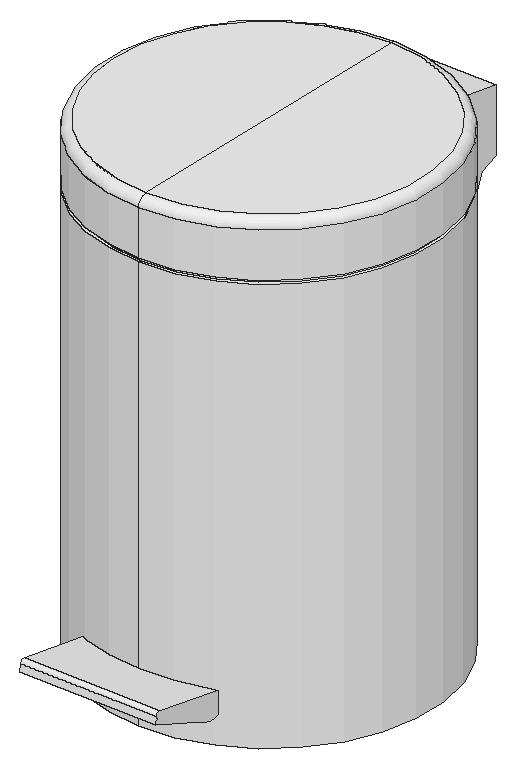
Revit family "TrashBox-WasteBin-3Lt-5Lt-12Lt-Vitra-ArkitektaSeries-A44054+A44055+A44056", category Plumbing Fixtures, host Face, Revit 2017
Family settings
  Host = Face
  Round Connector Dimension = Use Diameter
  Part Type = Normal
  OmniClass Number = 23.45.55.17
  OmniClass Title = Mixing Faucets
  Cut with Voids When Loaded = No
  Shared = Yes
  Room Calculation Point = No
Parameters (values of type "TrashBox-WasteBin-3Lt-Vitra-ArkitektaSeries-A44054")
  Youtube = "https://www.youtube.com/user/VitrAglobal"
  Width(mm) = 180 mm
  Weight Net (kg) = "0,820"
  Warranty Period (Year) = "5"
  WFU = 0
  Uniformat II Description = "EQUIPMENT & FURNISHINGS"
  Uniformat II Code = ""
  Uniclass 2015 Name = "Waste bins"
  Uniclass 2015 Code = "Pr_40_50_07_96"
  Uniclass 2.0 Description = "Waste Bins"
  Uniclass 1.4 Description = "Waste disposal units"
  Uniclass 2.0 Code = "PR-35-10-97"
  Uniclass 1.4 Code = "L7235"
  URL = "https://vitraglobal.com/"
  UNSPSC Description = "Furniture and Furnishings"
  UNSPSC Code = "56"
  Technical description = "https://www.vitra.com.tr/pdf/A44054/"
  Tap hole Options (default) = ""
  Specification = ""
  Region South America = "All"
  Region Oceania = "All"
  Region North America = "All"
  Region Middle East = "All"
  Region Europe = "All"
  Region Asia = "All"
  Region Antarctica = "All"
  Region Africa = "All"
  Product group = "Trash Box"
  Product family = "ArkitektaSeries"
  Product data url = "https://www.vitra.com.tr/banyo-aksesuarlari/cop-kovalari/arkitekta-cop-kovasi-sku-A44054/"
  Product certification = "https://vitraglobal.com/catalogues/quality-certificates"
  Product Type = "Waste Bins"
  Product SKU = "A44054"
  Product Properties = ""
  Product Manual = ""
  Product Guid = ""
  PedalDiameter = 75 mm
  Packaged Weight (kg) = ""
  MountingType = "Floor-Standing"
  HingeDiameter = 75 mm
  Hinge High (mm) = 178 mm
  HWFU = 0
  HW Connection = no
  GTIP code = ""
  Features = ""
  EAN code = ""
  Diameter (mm) = 90 mm
  Date of publishing = "2003"
  Cost = 0
  Coating Material = Chrome
  OmniClass Description = "Interior Waste Bins"
  OmniClass Code = "23-21 17 11"
  Nominal width = "0.000"
  Nominal height = "0.000"
  NBS Referans Description = "Waste Bins"
  NBS Referans Code = "35-10-97"
  Model = "A44054"
  Masterformat 2014 Description = "Solid Waste Bins"
  Masterformat 2014 Code = "11 82 13"
  Manufacturer name = "Vitra"
  Manufacturer = "Vitra"
  Installation instructions = ""
  IFC Classification = "Furnishing Element"
  Height(mm) = 262 mm
  Design country = "Turkey"
  Description = "Arkitekta Trash Box 3Lt"
  Depth(mm) = 180 mm
  Default Elevation = 0 mm
  Color = "Chrome"
  Calculated flow = ""
  CWFU = 0
  CW Connection = no
  COBIe Type Category = ""
  Brand = ""
  BIMobject category = "Sanitary - Accessories"
  Article No. (default) = "A44054"
  Approvals = ""
  ApplicationType = ""
  Accessories (default) = ""
Types (21, lengths in mm): name | Technical description | Product data url | Product SKU | PedalDiameter | HingeDiameter | Hinge High (mm) | Diameter (mm) | Model | Height(mm) | Description | Article No. (default)
  (no name) | "https://www.vitra.com.tr/pdf/A44054/" | "https://www.vitra.com.tr/banyo-aksesuarlari/cop-kovalari/arkitekta-cop-kovasi-sku-A44054/" | "A44054" | 75 | 75 | 178 | 90 | "A44054" | 262 | "Arkitekta Trash Box 3Lt" | "A44054"
  TrashBox-WasteBin-3Lt-Vitra-ArkitektaSeries-A44054 | "https://www.vitra.com.tr/pdf/A44054/" | "https://www.vitra.com.tr/banyo-aksesuarlari/cop-kovalari/arkitekta-cop-kovasi-sku-A44054/" | "A44054" | 75 | 75 | 178 | 90 | "A44054" | 262 | "Arkitekta Trash Box 3Lt" | "A44054"
  TrashBox-WasteBin-5Lt-Vitra-ArkitektaSeries-A44055 | "https://www.vitra.com.tr/pdf/A44055/" | "https://www.vitra.com.tr/banyo-aksesuarlari/cop-kovalari/arkitekta-cop-kovasi-sku-A44055/" | "A44055" | 75 | 75 | 211 | 90 | "A44055" | 295 | "Arkitekta Trash Box 5Lt" | "A44055"
  TrashBox-WasteBin-12Lt-Vitra-ArkitektaSeries-A44056 | "https://www.vitra.com.tr/pdf/A44056/" | "https://www.vitra.com.tr/banyo-aksesuarlari/cop-kovalari/arkitekta-cop-kovasi-sku-A44056/" | "A44056" | 115 | 115 | 281 | 130 | "A44056" | 365 | "Arkitekta Trash Box 12Lt" | "A44056"
  TrashBox-WasteBin-3Lt-Vitra-ArkitektaSeries-A44054EXP | "https://www.vitraglobal.com/faucets-shower-systems-accessories/accessories/trash-boxes/arkitekta-trash-box-3-lt-sku-a44054exp/print" | "https://www.vitraglobal.com/faucets-shower-systems-accessories/accessories/trash-boxes/arkitekta-trash-box-3-lt-sku-a44054exp" | "A44054EXP" | 75 | 75 | 178 | 90 | "A44054EXP" | 262 | "Arkitekta Trash Box 3Lt" | "A44054EXP"
  TrashBox-WasteBin-5Lt-Vitra-ArkitektaSeries-A44055EXP | "https://www.vitraglobal.com/faucets-shower-systems-accessories/accessories/trash-boxes/arkitekta-trash-box-4-5-lt-sku-a44055exp/print" | "https://www.vitraglobal.com/faucets-shower-systems-accessories/accessories/trash-boxes/arkitekta-trash-box-4-5-lt-sku-a44055exp" | "A44055EXP" | 75 | 75 | 211 | 90 | "A44055EXP" | 295 | "Arkitekta Trash Box 5Lt" | "A44055EXP"
  TrashBox-WasteBin-12Lt-Vitra-ArkitektaSeries-A44056EXP | "https://www.vitraglobal.com/faucets-shower-systems-accessories/accessories/trash-boxes/arkitekta-trash-box-12-lt-sku-a44056exp/print" | "https://www.vitraglobal.com/faucets-shower-systems-accessories/accessories/trash-boxes/arkitekta-trash-box-12-lt-sku-a44056exp" | "A44056EXP" | 115 | 115 | 281 | 130 | "A44056EXP" | 365 | "Arkitekta Trash Box 12Lt" | "A44056EXP"
  TrashBox-WasteBin-3Lt-Vitra-ArkitektaSeries-A44054VUK | "https://www.vitra.co.uk/pdf/A44054EXP/" | "https://www.vitra.co.uk/bathroom-accessories/bathroom-waste-bins/arkitekta-waste-bin-sku-A44054EXP/" | "A44054VUK" | 75 | 75 | 178 | 90 | "A44054VUK" | 262 | "Arkitekta Trash Box 3Lt" | "A44054VUK"
  TrashBox-WasteBin-5Lt-Vitra-ArkitektaSeries-A44055VUK | "https://www.vitraglobal.com/faucets-shower-systems-accessories/accessories/trash-boxes/arkitekta-trash-box-4-5-lt-sku-a44055exp/print" | "https://www.vitraglobal.com/faucets-shower-systems-accessories/accessories/trash-boxes/arkitekta-trash-box-4-5-lt-sku-a44055exp" | "A44055VUK" | 75 | 75 | 211 | 90 | "A44055VUK" | 295 | "Arkitekta Trash Box 5Lt" | "A44055VUK"
  TrashBox-WasteBin-12Lt-Vitra-ArkitektaSeries-A44056VUK | "https://www.vitraglobal.com/faucets-shower-systems-accessories/accessories/trash-boxes/arkitekta-trash-box-12-lt-sku-a44056exp/print" | "https://www.vitraglobal.com/faucets-shower-systems-accessories/accessories/trash-boxes/arkitekta-trash-box-12-lt-sku-a44056exp" | "A44056VUK" | 115 | 115 | 281 | 130 | "A44056VUK" | 365 | "Arkitekta Trash Box 12Lt" | "A44056VUK"
  TrashBox-WasteBin-3Lt-Vitra-ArkitektaSeries-A44054EKM | "https://www.vitra.co.uk/pdf/A44054EXP/" | "https://www.vitra.co.uk/bathroom-accessories/bathroom-waste-bins/arkitekta-waste-bin-sku-A44054EXP/" | "A44054EKM" | 75 | 75 | 178 | 90 | "A44054EKM" | 262 | "Arkitekta Trash Box 3Lt" | "A44054EKM"
  TrashBox-WasteBin-3Lt-Vitra-ArkitektaSeries-A4405401 | "https://www.vitra.co.uk/pdf/A44054EXP/" | "https://www.vitra.co.uk/bathroom-accessories/bathroom-waste-bins/arkitekta-waste-bin-sku-A44054EXP/" | "A4405401" | 75 | 75 | 178 | 90 | "A4405401" | 262 | "Arkitekta Trash Box 3Lt" | "A4405401"
  TrashBox-WasteBin-3Lt-Vitra-ArkitektaSeries-A4405499 | "https://www.vitra.co.uk/pdf/A44054EXP/" | "https://www.vitra.co.uk/bathroom-accessories/bathroom-waste-bins/arkitekta-waste-bin-sku-A44054EXP/" | "A4405499" | 75 | 75 | 178 | 90 | "A4405499" | 262 | "Arkitekta Trash Box 3Lt" | "A4405499"
  TrashBox-WasteBin-3Lt-Vitra-ArkitektaSeries-A44054CER | "https://www.vitra.co.uk/pdf/A44054EXP/" | "https://www.vitra.co.uk/bathroom-accessories/bathroom-waste-bins/arkitekta-waste-bin-sku-A44054EXP/" | "A44054CER" | 75 | 75 | 178 | 90 | "A44054CER" | 262 | "Arkitekta Trash Box 3Lt" | "A44054CER"
  TrashBox-WasteBin-5Lt-Vitra-ArkitektaSeries-A4405501 | "https://www.vitraglobal.com/faucets-shower-systems-accessories/accessories/trash-boxes/arkitekta-trash-box-4-5-lt-sku-a44055exp/print" | "https://www.vitraglobal.com/faucets-shower-systems-accessories/accessories/trash-boxes/arkitekta-trash-box-4-5-lt-sku-a44055exp" | "A4405501" | 75 | 75 | 211 | 90 | "A4405501" | 295 | "Arkitekta Trash Box 5Lt" | "A4405501"
  TrashBox-WasteBin-5Lt-Vitra-ArkitektaSeries-A4405599 | "https://www.vitraglobal.com/faucets-shower-systems-accessories/accessories/trash-boxes/arkitekta-trash-box-4-5-lt-sku-a44055exp/print" | "https://www.vitraglobal.com/faucets-shower-systems-accessories/accessories/trash-boxes/arkitekta-trash-box-4-5-lt-sku-a44055exp" | "A4405599" | 75 | 75 | 211 | 90 | "A4405599" | 295 | "Arkitekta Trash Box 5Lt" | "A4405599"
  TrashBox-WasteBin-5Lt-Vitra-ArkitektaSeries-A44055CER | "https://www.vitraglobal.com/faucets-shower-systems-accessories/accessories/trash-boxes/arkitekta-trash-box-4-5-lt-sku-a44055exp/print" | "https://www.vitraglobal.com/faucets-shower-systems-accessories/accessories/trash-boxes/arkitekta-trash-box-4-5-lt-sku-a44055exp" | "A44055CER" | 75 | 75 | 211 | 90 | "A44055CER" | 295 | "Arkitekta Trash Box 5Lt" | "A44055CER"
  TrashBox-WasteBin-5Lt-Vitra-ArkitektaSeries-A44055EKM | "https://www.vitraglobal.com/faucets-shower-systems-accessories/accessories/trash-boxes/arkitekta-trash-box-4-5-lt-sku-a44055exp/print" | "https://www.vitraglobal.com/faucets-shower-systems-accessories/accessories/trash-boxes/arkitekta-trash-box-4-5-lt-sku-a44055exp" | "A44055EKM" | 75 | 75 | 211 | 90 | "A44055EKM" | 295 | "Arkitekta Trash Box 5Lt" | "A44055EKM"
  TrashBox-WasteBin-5Lt-Vitra-ArkitektaSeries-A44055TPL | "https://www.vitraglobal.com/faucets-shower-systems-accessories/accessories/trash-boxes/arkitekta-trash-box-4-5-lt-sku-a44055exp/print" | "https://www.vitraglobal.com/faucets-shower-systems-accessories/accessories/trash-boxes/arkitekta-trash-box-4-5-lt-sku-a44055exp" | "A44055TPL" | 75 | 75 | 211 | 90 | "A44055TPL" | 295 | "Arkitekta Trash Box 5Lt" | "A44055TPL"
  TrashBox-WasteBin-12Lt-Vitra-ArkitektaSeries-A44056CER | "https://www.vitraglobal.com/faucets-shower-systems-accessories/accessories/trash-boxes/arkitekta-trash-box-12-lt-sku-a44056exp/print" | "https://www.vitraglobal.com/faucets-shower-systems-accessories/accessories/trash-boxes/arkitekta-trash-box-12-lt-sku-a44056exp" | "A44056CER" | 115 | 115 | 281 | 130 | "A44056CER" | 365 | "Arkitekta Trash Box 12Lt" | "A44056CER"
  TrashBox-WasteBin-12Lt-Vitra-ArkitektaSeries-A44056EKM | "https://www.vitraglobal.com/faucets-shower-systems-accessories/accessories/trash-boxes/arkitekta-trash-box-12-lt-sku-a44056exp/print" | "https://www.vitraglobal.com/faucets-shower-systems-accessories/accessories/trash-boxes/arkitekta-trash-box-12-lt-sku-a44056exp" | "A44056EKM" | 115 | 115 | 281 | 130 | "A44056EKM" | 365 | "Arkitekta Trash Box 12Lt" | "A44056EKM"
Reference planes
  plane 1 "Center (Front/Back)": y = 0
  plane 2: z = 0
  plane 3 "Center (Left/Right)": x = 0
Forms (mm)
  Extrusion 1, solid, material "Chrome" <- "Coating Material"
    sketch origin (37.5, -124.017, 24.777) x (0, 1, 0) y (0, 0, 1)
      loop
        line (49.017, 1.505) -> (1.887, 9.815)
        arc (1.887, 9.815) -> (0.392, 9.484) -> (-0.43, 8.193) r 2
        line (-0.43, 8.193) -> (-1.081, 4.5) -> (31.755, -8.693)
        arc (31.755, -8.693) -> (40.979, -9.938) -> (49.017, -5.245) r 14.307
        line (49.017, -5.245) -> (49.017, 1.505)
    from 0 to -75
  Extrusion 2, solid, material "Chrome" <- "Coating Material"
    sketch origin (0, 118, 0) x (0, -1, 0) y (0, 0, 1)
      loop
        line (0, 237.5) -> (0, 202.5) -> (9.534, 198.8) -> (18.66, 178) -> (43, 178) -> (43, 244.982) -> (0, 237.5)
    from -31.231 to 31.401
  Revolve 3, solid, material "Chrome" <- "Coating Material"
    sketch origin (0, 118, 0) x (0, -1, 0) y (0, 0, 1)
      loop
        line (118, 262) -> (118, 0) -> (208, 0) -> (208, 230) -> (206.007, 230) -> (206.007, 232) -> (208, 232) -> (208, 257)
        arc (208, 257) -> (206.536, 260.536) -> (203, 262) r 5
        line (203, 262) -> (118, 262)
      axis (118, 262) -> (118, 0)
    angle from 0 to 360
Lines and regions (mm)
  reference lines
    curve 1: line (0, 118, 0) -> (0, 48, 0)
    curve 2: line (37.5, 0, 0) -> (37.5, 0, 220)
Dimensions and locks
  "Height(mm)": host face to Revolve 3 sketch curve
  locked: Revolve 3 sketch curve to Revolve 3 sketch curve at 30
  locked: Revolve 3 sketch curve to Revolve 3 sketch curve at 2
  locked: Revolve 3 sketch curve to Revolve 3 sketch curve at 5
  host face to Extrusion 2 sketch curve = 178 mm
  locked: Extrusion 2 sketch curve to Extrusion 2 sketch curve at 66.982
  locked: Extrusion 2 sketch curve to Extrusion 2 sketch curve at 20.8
  locked: Extrusion 2 sketch curve to Extrusion 2 sketch curve at 10.227
  locked: Extrusion 2 sketch curve to Extrusion 2 sketch curve at 35
  locked: Extrusion 2 sketch curve to Extrusion 2 sketch curve at 43
  locked: Extrusion 2 sketch curve to Extrusion 2 sketch curve at 43.646
  locked: Extrusion 2 sketch curve to Extrusion 2 sketch curve at 22.714
  locked: Extrusion 2 sketch curve to Extrusion 2 sketch curve at 24.34
  "Hinge High (mm)": Extrusion 2 to Revolve 3
  "Diameter (mm)": Revolve 3 sketch curve to Revolve 3 sketch curve
  "HingeDiameter": plane 1 "Center (Front/Back)" to Extrusion 2
  Extrusion 1 to plane 1 "Center (Front/Back)" = 75 mm
  locked: Extrusion 1 sketch curve to Extrusion 1 sketch curve at 47.857
  locked: Extrusion 1 sketch curve to Extrusion 1 sketch curve at 3.75
  locked: Extrusion 1 sketch curve to Extrusion 1 sketch curve at 35.387
  locked: Extrusion 1 sketch curve to Extrusion 1 sketch curve at 6.75
  locked: Extrusion 1 sketch curve to Extrusion 1 sketch curve at 17.604
  "HingeDiameter": curve 2 to Extrusion 2
  "PedalDiameter": Extrusion 1 sketch curve to curve 2
  radius of Extrusion 1 sketch curve = 14.307 mm
  aligned and locked: plane 2 to host face
  aligned and locked: level to host face
  aligned and locked: Revolve 3 sketch curve to level
Automatic sketch dimensions
  host sketch curve to host sketch curve = 2438.4 mm  (x2)
  curve 1 to plane 3 "Center (Left/Right)" = 0 mm
  curve 1 to plane 1 "Center (Front/Back)" = 48 mm
  curve 1 to curve 1 = 70 mm
  Extrusion 2 sketch curve to curve 1 = 0 mm
  curve 2 to plane 1 "Center (Front/Back)" = 0 mm
  curve 2 to level = 0 mm
  level to curve 2 = 220 mm
  Extrusion 1 sketch curve to Extrusion 1 sketch curve = 10.841 mm
  level to Extrusion 1 sketch curve = 34.593 mm
  Extrusion 1 sketch curve to Extrusion 1 sketch curve = 29.868 mm
  Extrusion 1 sketch curve to Extrusion 1 sketch curve = 0.347 mm
  Revolve 3 sketch curve to plane 1 "Center (Front/Back)" = 0 mm  (x2)
  Revolve 3 sketch curve to Revolve 3 sketch curve = 5 mm
  Revolve 3 sketch curve to Revolve 3 sketch curve = 1.993 mm
  Revolve 3 sketch curve to Revolve 3 sketch curve = 122 mm
  Revolve 3 sketch curve to Revolve 3 sketch curve = 60 mm
